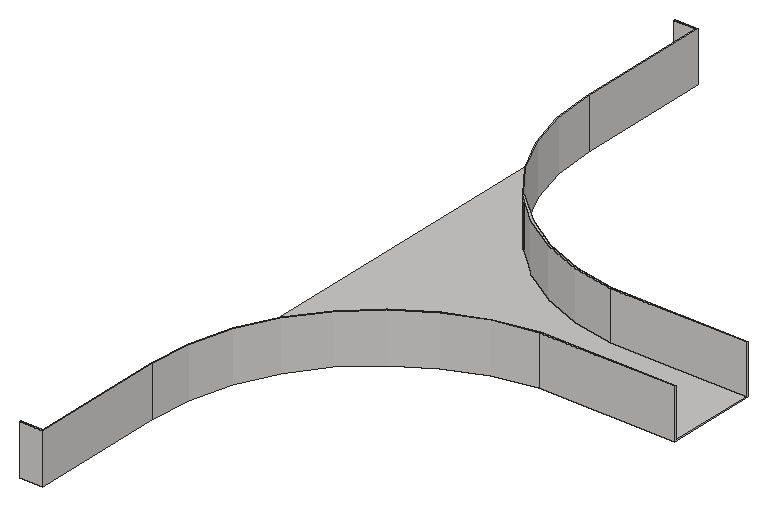
Revit family "S4R_OBO BETTERMANN_CableTray_SaddlePiece_WRAA FS", category Cable Tray Fittings, Revit 2012
Parameters
  Wholesaler art.no. = ""
  Wholesaler = ""
  Watermarked By = "www.stabiplan.com"
  WIDTH2 [instance] = 1600 mm + WIDTH1  # 1800 mm
  WIDTH1 [instance] = 200 mm
  VERSION = "91900"  # constant formula
  URL = "www.stabiplan.com"
  built-in parameter 1140111 [instance] = 2.6 mm
  TYPE [instance] = "WRAA FS"  # constant formula
  StabiCAD_PM = ""
  Safe_Length2 [instance] = 300 mm  # constant formula
  Safe_Length [instance] = 800 mm  # constant formula
  Safe4 [instance] = Safe3 - [built-in parameter 1140111]  # 47.4 mm
  Safe3 [instance] = if(WIDTH2 > 610 mm, 50 mm, 50 mm)  # 50 mm
  Safe2 [instance] = if(WIDTH2 > 610 mm, 300 mm, 300 mm)  # 300 mm
  Safe [instance] = if(WIDTH2 > 610 mm, 300 mm, 300 mm)  # 300 mm
  Safe5 [instance] = 300 mm  # constant formula
  RadiusSafe [instance] = Radius + [built-in parameter 1140111]  # 502.6 mm
  Radius [instance] = 500 mm  # constant formula
  PRODUCTLINE [instance] = "OBO BETTERMANN CableTrays"  # constant formula
  Model = ""
  Manufacturer = "OBO BETTERMANN"  # constant formula
  LENGTH1 [instance] = if(and(WIDTH1 = 200 mm, HEIGHT1 = 110 mm, ANGLE2 = 90.00°), 800 mm, if(and(WIDTH1 = 300 mm, HEIGHT1 = 110 mm, ANGLE2 = 90.00°), 800 mm, if(and(WIDTH1 = 400 mm, HEIGHT1 = 110 mm, ANGLE2 = 90.00°), 800 mm, if(and(WIDTH1 = 500 mm, HEIGHT1 = 110 mm, ANGLE2 = 90.00°), 800 mm, if(and(WIDTH1 = 600 mm, HEIGHT1 = 110 mm, ANGLE2 = 90.00°), 800 mm, if(and(WIDTH1 = 200 mm, HEIGHT1 = 160 mm, ANGLE2 = 90.00°), 800 mm, if(and(WIDTH1 = 300 mm, HEIGHT1 = 160 mm, ANGLE2 = 90.00°), 800 mm, if(and(WIDTH1 = 400 mm, HEIGHT1 = 160 mm, ANGLE2 = 90.00°), 800 mm, if(and(WIDTH1 = 500 mm, HEIGHT1 = 160 mm, ANGLE2 = 90.00°), 800 mm, if(and(WIDTH1 = 600 mm, HEIGHT1 = 160 mm, ANGLE2 = 90.00°), 800 mm, Safe_Length))))))))))  # 800 mm
  Internal art.no. = ""
  ISCUSTOM [instance] = if(and(WIDTH1 = 200 mm, HEIGHT1 = 110 mm, ANGLE2 = 90.00°), 1 = 0, if(and(WIDTH1 = 300 mm, HEIGHT1 = 110 mm, ANGLE2 = 90.00°), 1 = 0, if(and(WIDTH1 = 400 mm, HEIGHT1 = 110 mm, ANGLE2 = 90.00°), 1 = 0, if(and(WIDTH1 = 500 mm, HEIGHT1 = 110 mm, ANGLE2 = 90.00°), 1 = 0, if(and(WIDTH1 = 600 mm, HEIGHT1 = 110 mm, ANGLE2 = 90.00°), 1 = 0, if(and(WIDTH1 = 200 mm, HEIGHT1 = 160 mm, ANGLE2 = 90.00°), 1 = 0, if(and(WIDTH1 = 300 mm, HEIGHT1 = 160 mm, ANGLE2 = 90.00°), 1 = 0, if(and(WIDTH1 = 400 mm, HEIGHT1 = 160 mm, ANGLE2 = 90.00°), 1 = 0, if(and(WIDTH1 = 500 mm, HEIGHT1 = 160 mm, ANGLE2 = 90.00°), 1 = 0, if(and(WIDTH1 = 600 mm, HEIGHT1 = 160 mm, ANGLE2 = 90.00°), 1 = 0, 1 = 1))))))))))  # no
  IFCExportType = ""
  IFCExportAs = ""
  HEIGHT1 [instance] = 110 mm
  GTINNUMBER [instance] = if(and(WIDTH1 = 200 mm, HEIGHT1 = 110 mm, ANGLE2 = 90.00°), "4012196352395", if(and(WIDTH1 = 300 mm, HEIGHT1 = 110 mm, ANGLE2 = 90.00°), "4012196352456", if(and(WIDTH1 = 400 mm, HEIGHT1 = 110 mm, ANGLE2 = 90.00°), "4012196352517", if(and(WIDTH1 = 500 mm, HEIGHT1 = 110 mm, ANGLE2 = 90.00°), "4012196352579", if(and(WIDTH1 = 600 mm, HEIGHT1 = 110 mm, ANGLE2 = 90.00°), "4012196000975", if(and(WIDTH1 = 200 mm, HEIGHT1 = 160 mm, ANGLE2 = 90.00°), "4012196656653", if(and(WIDTH1 = 300 mm, HEIGHT1 = 160 mm, ANGLE2 = 90.00°), "4012196656714", if(and(WIDTH1 = 400 mm, HEIGHT1 = 160 mm, ANGLE2 = 90.00°), "4012196335596", if(and(WIDTH1 = 500 mm, HEIGHT1 = 160 mm, ANGLE2 = 90.00°), "4012196335657", if(and(WIDTH1 = 600 mm, HEIGHT1 = 160 mm, ANGLE2 = 90.00°), "4012196335718", "Unknown"))))))))))  # "4012196352395"
  ETIM article class = ""
  Description = "Horizontal CableTray Saddle Piece"
  DEEPLINK = "http://catalog1.obo-bettermann.com/catalogue/catalogue.do?forward=showProductGroup&act=showIO&favOid=kts_22129&action=showManyProducts&lang=de&OID=kts_22129&catId="
  Copyright = "© Stabiplan BV / Stabiplan International BV"  # constant formula
  CT2 [instance] = 1
  CT1 [instance] = 1
  BodyColor = Steel
  ARTICLENUMBER [instance] = if(and(WIDTH1 = 200 mm, HEIGHT1 = 110 mm, ANGLE2 = 90.00°), "6098405", if(and(WIDTH1 = 300 mm, HEIGHT1 = 110 mm, ANGLE2 = 90.00°), "6098409", if(and(WIDTH1 = 400 mm, HEIGHT1 = 110 mm, ANGLE2 = 90.00°), "6098413", if(and(WIDTH1 = 500 mm, HEIGHT1 = 110 mm, ANGLE2 = 90.00°), "6098417", if(and(WIDTH1 = 600 mm, HEIGHT1 = 110 mm, ANGLE2 = 90.00°), "6098421", if(and(WIDTH1 = 200 mm, HEIGHT1 = 160 mm, ANGLE2 = 90.00°), "6098800", if(and(WIDTH1 = 300 mm, HEIGHT1 = 160 mm, ANGLE2 = 90.00°), "6098804", if(and(WIDTH1 = 400 mm, HEIGHT1 = 160 mm, ANGLE2 = 90.00°), "6098808", if(and(WIDTH1 = 500 mm, HEIGHT1 = 160 mm, ANGLE2 = 90.00°), "6098812", if(and(WIDTH1 = 600 mm, HEIGHT1 = 160 mm, ANGLE2 = 90.00°), "6098816", "Unknown"))))))))))  # "6098405"
  ARTICLEDESCRIPTION [instance] = "Horizontal CableTray Saddle Piece"
  ANGLE2 = 90.00°  # constant formula
Reference planes
  plane 1 "Center (Front/Back)": y = 0
  plane 2: z = 0
  plane 3 "Center (Left/Right)": x = 0
  plane 4: y = 100
  plane 5: y = -100
  plane 6: y = 900
  plane 7: y = -900
  plane 8: z = 55
  plane 9: z = -55
  plane 10: x = 800
  plane 11: x = 40
  plane 12: z = 27.5
  plane 13: z = -52.4
  plane 14: y = 600
  plane 15: y = -600
  plane 16: x = 50
  plane 17: x = 500
  plane 18: y = 600
  plane 19: y = -600
  plane 20: x = 50
  plane 21: x = 500
  plane 22: y = -897.4
  plane 23: y = 897.4
  plane 24: x = 47.4
  plane 25: x = 500
Forms (mm)
  Extrusion 1, solid, material "Steel" <- "BodyColor", detail levels medium
    sketch origin (0, 0, 0) x (1, 0, 0) y (0, 1, 0)
      loop
        line (0, 900) -> (0, -900) -> (50, -900) -> (50, -600)
        arc (50, -600) -> (178.347, -263.012) -> (500, -100) r 500
        line (500, -100) -> (800, -100) -> (800, 100) -> (500, 100)
        arc (500, 100) -> (178.347, 263.012) -> (50, 600) r 500
        line (50, 600) -> (50, 900) -> (0, 900)
    from -55 to 55
  Extrusion 2, solid, material "Steel" <- "BodyColor", detail levels fine
    sketch origin (0, 0, 0) x (1, 0, 0) y (0, 1, 0)
      loop
        line (0, 900) -> (0, -900) -> (50, -900) -> (50, -600)
        arc (50, -600) -> (178.347, -263.012) -> (500, -100) r 500
        line (500, -100) -> (800, -100) -> (800, 100) -> (500, 100)
        arc (500, 100) -> (178.347, 263.012) -> (50, 600) r 500
        line (50, 600) -> (50, 900) -> (0, 900)
    from -55 to 55
  Extrusion 3, void
    sketch origin (0, 0, 0) x (1, 0, 0) y (0, 1, 0)
      loop
        line (0, 897.4) -> (0, -897.4) -> (47.4, -897.4) -> (47.4, -597.4)
        arc (47.4, -597.4) -> (177.385, -260.216) -> (500, -97.4) r 502.6
        line (500, -97.4) -> (800, -97.4) -> (800, 97.4) -> (500, 97.4)
        arc (500, 97.4) -> (177.385, 260.216) -> (47.4, 597.4) r 502.6
        line (47.4, 597.4) -> (47.4, 897.4) -> (0, 897.4)
    from -52.4 to 55
Cuts and joins
  Extrusion 3 cuts Extrusion 2
Lines and regions (mm)
  model lines, style "Coarse", detail levels coarse
    curve 1: line (0, 0, 0) -> (800, 0, 0)
Dimensions and locks
  equal spacing: plane 4, plane 1 "Center (Front/Back)", plane 5
  "WIDTH1": plane 4 to plane 5
  equal spacing: plane 6, plane 1 "Center (Front/Back)", plane 7
  equal spacing: plane 8, level, plane 9
  "HEIGHT1": plane 8 to plane 9
  "LENGTH1": plane 3 "Center (Left/Right)" to plane 10
  "WIDTH2": plane 6 to plane 7
  "LENGTH1": curve 1 to curve 1
  plane 3 "Center (Left/Right)" to Extrusion 1 = 800 mm
  locked: plane 3 "Center (Left/Right)" to plane 11 at 40
  "built-in parameter 1140111": plane 13 to plane 9
  "Safe_Length2": plane 6 to plane 14
  "Safe_Length2": plane 15 to plane 7
  "Safe3": plane 3 "Center (Left/Right)" to plane 16
  "Safe5": plane 17 to plane 10
  "Safe_Length2": plane 6 to plane 18
  "Safe_Length2": plane 19 to plane 7
  "Safe3": plane 3 "Center (Left/Right)" to plane 20
  "Safe5": plane 21 to plane 10
  "built-in parameter 1140111": plane 22 to plane 7
  "built-in parameter 1140111": plane 6 to plane 23
  "built-in parameter 1140111": plane 4 to Extrusion 3 sketch curve
  "built-in parameter 1140111": Extrusion 3 sketch curve to plane 5
  "Safe4": plane 3 "Center (Left/Right)" to plane 24
  Extrusion 3 to plane 3 "Center (Left/Right)" = 800 mm
  "Safe5": plane 25 to plane 10
  "Safe_Length2": plane 23 to Extrusion 3 sketch curve
  "Safe_Length2": Extrusion 3 sketch curve to plane 22
  "Radius": radius of Extrusion 1 sketch curve  (x2)
  "Radius": radius of Extrusion 2 sketch curve  (x2)
  "RadiusSafe": radius of Extrusion 3 sketch curve  (x2)
  aligned and locked: level to plane 2
  aligned and locked: plane 1 "Center (Front/Back)" to curve 1
  aligned and locked: Extrusion 1 to plane 9
  aligned and locked: Extrusion 1 to plane 8
  aligned and locked: plane 4 to Extrusion 1 sketch curve
  aligned and locked: plane 10 to Extrusion 1 sketch curve  (x2)
  aligned and locked: plane 3 "Center (Left/Right)" to Extrusion 1 sketch curve  (x2)
  aligned and locked: plane 17 to Extrusion 1 sketch curve  (x2)
  aligned and locked: plane 5 to Extrusion 1 sketch curve
  aligned and locked: Extrusion 1 sketch curve to plane 7
  aligned and locked: plane 15 to Extrusion 1 sketch curve
  aligned and locked: plane 16 to Extrusion 1 sketch curve  (x3)
  aligned and locked: Extrusion 1 sketch curve to plane 16
  aligned and locked: Extrusion 1 sketch curve to plane 6
  aligned and locked: plane 6 to Extrusion 1 sketch curve
  aligned and locked: plane 14 to Extrusion 1 sketch curve
  aligned and locked: plane 10 to Extrusion 2 sketch curve  (x2)
  aligned and locked: plane 3 "Center (Left/Right)" to Extrusion 2 sketch curve
  aligned and locked: plane 21 to Extrusion 2 sketch curve  (x2)
  aligned and locked: Extrusion 2 sketch curve to plane 7
  aligned and locked: plane 19 to Extrusion 2 sketch curve
  aligned and locked: plane 20 to Extrusion 2 sketch curve  (x3)
  aligned and locked: Extrusion 2 sketch curve to plane 20
  aligned and locked: Extrusion 2 sketch curve to plane 6
  aligned and locked: plane 6 to Extrusion 2 sketch curve
  aligned and locked: plane 18 to Extrusion 2 sketch curve
  aligned and locked: Extrusion 2 sketch curve to plane 3 "Center (Left/Right)"
  aligned and locked: plane 5 to Extrusion 2 sketch curve
  aligned and locked: plane 4 to Extrusion 2 sketch curve
  aligned and locked: Extrusion 2 to plane 9
  aligned and locked: plane 8 to Extrusion 2
  aligned and locked: Extrusion 3 sketch curve to plane 22
  aligned and locked: plane 23 to Extrusion 3 sketch curve
  aligned and locked: Extrusion 3 sketch curve to plane 3 "Center (Left/Right)"
  aligned and locked: plane 10 to Extrusion 3 sketch curve
  aligned and locked: Extrusion 3 to plane 13
  aligned and locked: Extrusion 3 to plane 8
  aligned and locked: plane 25 to Extrusion 3 sketch curve  (x2)
  aligned and locked: Extrusion 3 sketch curve to plane 24  (x2)
  aligned and locked: plane 22 to Extrusion 3 sketch curve
Automatic sketch dimensions
  curve 1 to plane 3 "Center (Left/Right)" = 0 mm
Connectors
  cabletrayconduit at (800, 0, 0), driven by "HEIGHT1", driven by "WIDTH1"
    settings: on Extrusion 1, index 1, connector width 200 mm, connector height 110 mm, connector radius 300 mm, connector angle 0.00°, system type 32, placement type 0, profile type 1, connector reference index -1, is primary connector yes, connector utility param no, connector description ""
